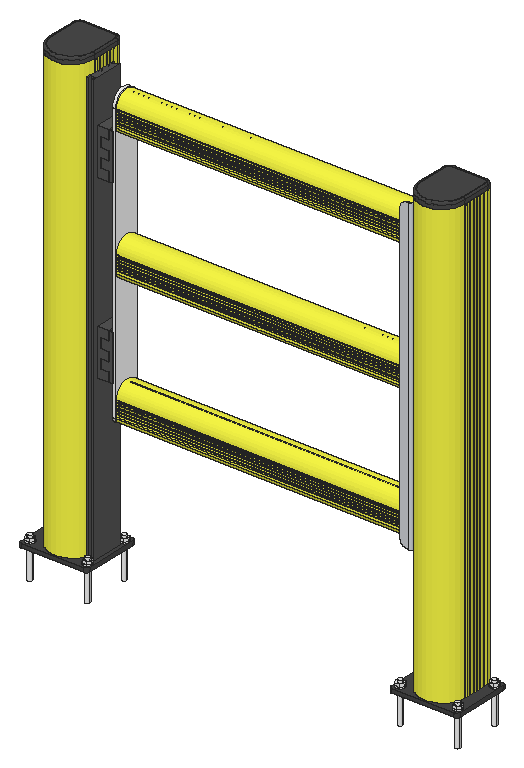
Revit family "Safety & Protection_Barrier_UltiGroup_Pedestrian Swing Gate", category Generic Models, Revit 2016
Family settings
  Part Type = Normal
  Can host rebar = No
  Round Connector Dimension = Use Diameter
  OmniClass Number = 23.40.70.17
  OmniClass Title = Industrial and Manufacturing Equipment and Furnishings
  Work Plane-Based = No
  Always vertical = Yes
  Cut with Voids When Loaded = No
  Shared = No
  Room Calculation Point = No
Parameters (values of type "Type 1")
  URL = "www.ultigroup.co.nz"
  Toll Free Phone = "0800 807 753"
  StyleOrType_ANZRS = ""
  Stainless Steel = SS Bolts
  Send Message = "http://ultigroup.co.nz/contact-ulti-group/"
  Phone = "07 974 4691"
  Pedestrian Gate width = 850 mm
  PVC Yellow = PVC Yellow
  ModifiedIssue_ANZRS = 0
  Model = "Ulti Pedestrian Swing Gate - DP150"
  Manufacturer = "UltiGroup"
  InstallationGroup_ANZRS = 0
  Hinge Parts = Hinge Parts
  FireRating_ANZRS = ""
  FilterObject_ANZRS = ""
  Fax = "07 846 2467"
  Description = "Impactable PVC Pedestrian Swing Gate"
  CreatedBy_ANZRS = "UltiGroup"
  CreatedByURL_ANZRS = "www.ultigroup.co.nz"
  CreatedByPhoneNo_ANZRS = "07 974 4691"
  Bollard Post = yes
  Address = "17 McKee Street, Te Rapa, Hamilton, 3200, New Zealand"
  AcousticRating_ANZRS = ""
Reference planes
  plane 1 "Center (Front/Back)": y = 0
  plane 2: z = 0
  plane 3 "Center (Left/Right)": x = 0
  plane 4: x = 850
  plane 5: x = 835
  plane 6: x = 62
  plane 7: x = 70
  plane 8: x = 827
  plane 9: z = 345
  plane 10: z = 685
  plane 11: z = 1024.967
  plane 12: y = 35
  plane 13: y = -35
  plane 14: x = 849
  plane 15: y = -40
  plane 16: y = 40
  plane 17: z = 1114.967
  plane 18: z = 1134.967
  plane 19: z = 325
  plane 20: x = 20
  plane 21: x = 1
  plane 22: z = 435
  plane 23: z = 904.967
  plane 24: z = 555
Forms (mm)
  Extrusion 1, solid, material "PVC Yellow" <- "PVC Yellow"
    sketch origin (827, 444.892, 1200) x (0, 1, 0) y (0, 0, 1)
      loop
        arc (-409.892, -120.055) -> (-444.841, -85.055) -> (-479.892, -119.953) r 35
        line (-479.892, -119.953) -> (-479.892, -121.557)
        arc (-479.892, -121.557) -> (-479.812, -122.052) -> (-479.667, -122.531) r 3.696
        arc (-479.667, -122.531) -> (-479.39, -123.945) -> (-479.805, -125.325) r 3
        arc (-479.805, -125.325) -> (-480.388, -126.952) -> (-479.977, -128.63) r 3
        arc (-479.977, -128.63) -> (-479.391, -130.262) -> (-479.805, -131.946) r 3
        arc (-479.805, -131.946) -> (-480.388, -133.572) -> (-479.977, -135.25) r 3
        arc (-479.977, -135.25) -> (-479.392, -136.881) -> (-479.806, -138.564) r 3
        arc (-479.806, -138.564) -> (-480.388, -140.19) -> (-479.977, -141.868) r 3
        arc (-479.977, -141.868) -> (-479.392, -143.499) -> (-479.806, -145.182) r 3
        arc (-479.806, -145.182) -> (-480.388, -146.808) -> (-479.977, -148.485) r 3
        arc (-479.977, -148.485) -> (-479.392, -150.117) -> (-479.806, -151.8) r 3
        arc (-479.806, -151.8) -> (-480.388, -153.426) -> (-479.977, -155.103) r 3
        arc (-479.977, -155.103) -> (-479.388, -156.815) -> (-479.892, -158.554) r 3
        line (-479.892, -158.554) -> (-479.892, -165)
        arc (-479.892, -165) -> (-476.963, -172.071) -> (-469.892, -175) r 10
        line (-469.892, -175) -> (-419.892, -175.033)
        arc (-419.892, -175.033) -> (-412.821, -172.07) -> (-409.892, -164.999) r 10
        line (-409.892, -164.999) -> (-409.892, -158.556)
        arc (-409.892, -158.556) -> (-410.396, -156.975) -> (-409.983, -155.367) r 3
        arc (-409.983, -155.367) -> (-409.397, -153.736) -> (-409.811, -152.053) r 3
        arc (-409.811, -152.053) -> (-410.393, -150.427) -> (-409.982, -148.749) r 3
        arc (-409.982, -148.749) -> (-409.397, -147.118) -> (-409.811, -145.435) r 3
        arc (-409.811, -145.435) -> (-410.393, -143.809) -> (-409.982, -142.132) r 3
        arc (-409.982, -142.132) -> (-409.396, -140.5) -> (-409.811, -138.818) r 3
        arc (-409.811, -138.818) -> (-410.393, -137.192) -> (-409.982, -135.514) r 3
        arc (-409.982, -135.514) -> (-409.396, -133.882) -> (-409.811, -132.199) r 3
        arc (-409.811, -132.199) -> (-410.394, -130.572) -> (-409.983, -128.894) r 3
        arc (-409.983, -128.894) -> (-409.396, -127.262) -> (-409.811, -125.579) r 3
        arc (-409.811, -125.579) -> (-410.383, -124.097) -> (-410.118, -122.531) r 3
        arc (-410.118, -122.531) -> (-409.971, -122.049) -> (-409.892, -121.552) r 3.696
        line (-409.892, -121.552) -> (-409.892, -120.055)
      loop
        arc (-469.892, -158) -> (-467.842, -162.95) -> (-462.892, -165) r 7
        line (-462.892, -165) -> (-426.892, -164.999)
        arc (-426.892, -164.999) -> (-421.943, -162.949) -> (-419.892, -157.999) r 7
        line (-419.892, -157.999) -> (-419.892, -120)
        arc (-419.892, -120) -> (-444.892, -95) -> (-469.892, -120) r 25
        line (-469.892, -120) -> (-469.892, -158)
      loop
        arc (-409.892, -460.023) -> (-444.841, -425.023) -> (-479.892, -459.921) r 35
        line (-479.892, -459.921) -> (-479.892, -461.524)
        arc (-479.892, -461.524) -> (-479.812, -462.019) -> (-479.667, -462.498) r 3.696
        arc (-479.667, -462.498) -> (-479.39, -463.913) -> (-479.805, -465.293) r 3
        arc (-479.805, -465.293) -> (-480.388, -466.919) -> (-479.977, -468.598) r 3
        arc (-479.977, -468.598) -> (-479.391, -470.229) -> (-479.805, -471.913) r 3
        arc (-479.805, -471.913) -> (-480.388, -473.539) -> (-479.977, -475.217) r 3
        arc (-479.977, -475.217) -> (-479.392, -476.849) -> (-479.806, -478.532) r 3
        arc (-479.806, -478.532) -> (-480.388, -480.158) -> (-479.977, -481.835) r 3
        arc (-479.977, -481.835) -> (-479.392, -483.466) -> (-479.806, -485.149) r 3
        arc (-479.806, -485.149) -> (-480.388, -486.775) -> (-479.977, -488.453) r 3
        arc (-479.977, -488.453) -> (-479.392, -490.084) -> (-479.806, -491.767) r 3
        arc (-479.806, -491.767) -> (-480.388, -493.393) -> (-479.977, -495.071) r 3
        arc (-479.977, -495.071) -> (-479.388, -496.783) -> (-479.892, -498.522) r 3
        line (-479.892, -498.522) -> (-479.892, -504.967)
        arc (-479.892, -504.967) -> (-476.963, -512.038) -> (-469.892, -514.967) r 10
        line (-469.892, -514.967) -> (-419.892, -515)
        arc (-419.892, -515) -> (-412.821, -512.037) -> (-409.892, -504.966) r 10
        line (-409.892, -504.966) -> (-409.892, -498.524)
        arc (-409.892, -498.524) -> (-410.396, -496.942) -> (-409.983, -495.334) r 3
        arc (-409.983, -495.334) -> (-409.397, -493.703) -> (-409.811, -492.02) r 3
        arc (-409.811, -492.02) -> (-410.393, -490.394) -> (-409.982, -488.717) r 3
        arc (-409.982, -488.717) -> (-409.397, -487.086) -> (-409.811, -485.403) r 3
        arc (-409.811, -485.403) -> (-410.393, -483.777) -> (-409.982, -482.099) r 3
        arc (-409.982, -482.099) -> (-409.396, -480.468) -> (-409.811, -478.785) r 3
        arc (-409.811, -478.785) -> (-410.393, -477.159) -> (-409.982, -475.481) r 3
        arc (-409.982, -475.481) -> (-409.396, -473.85) -> (-409.811, -472.167) r 3
        arc (-409.811, -472.167) -> (-410.394, -470.54) -> (-409.983, -468.862) r 3
        arc (-409.983, -468.862) -> (-409.396, -467.23) -> (-409.811, -465.546) r 3
        arc (-409.811, -465.546) -> (-410.383, -464.064) -> (-410.118, -462.498) r 3
        arc (-410.118, -462.498) -> (-409.971, -462.016) -> (-409.892, -461.519) r 3.696
        line (-409.892, -461.519) -> (-409.892, -460.023)
      loop
        arc (-419.892, -459.967) -> (-444.892, -434.967) -> (-469.892, -459.967) r 25
        line (-469.892, -459.967) -> (-469.892, -497.968)
        arc (-469.892, -497.968) -> (-467.842, -502.917) -> (-462.892, -504.968) r 7
        line (-462.892, -504.968) -> (-426.892, -504.966)
        arc (-426.892, -504.966) -> (-421.943, -502.916) -> (-419.892, -497.966) r 7
        line (-419.892, -497.966) -> (-419.892, -459.967)
      loop
        arc (-469.892, -837.968) -> (-467.842, -842.917) -> (-462.892, -844.968) r 7
        line (-462.892, -844.968) -> (-426.892, -844.966)
        arc (-426.892, -844.966) -> (-421.943, -842.916) -> (-419.892, -837.966) r 7
        line (-419.892, -837.966) -> (-419.892, -799.967)
        arc (-419.892, -799.967) -> (-444.892, -774.967) -> (-469.892, -799.967) r 25
        line (-469.892, -799.967) -> (-469.892, -837.968)
      loop
        arc (-409.892, -800.023) -> (-444.892, -765.023) -> (-479.892, -800.023) r 35
        line (-479.892, -800.023) -> (-479.892, -801.524)
        arc (-479.892, -801.524) -> (-479.812, -802.019) -> (-479.667, -802.498) r 3.696
        arc (-479.667, -802.498) -> (-479.39, -803.913) -> (-479.805, -805.293) r 3
        arc (-479.805, -805.293) -> (-480.388, -806.919) -> (-479.977, -808.598) r 3
        arc (-479.977, -808.598) -> (-479.391, -810.229) -> (-479.805, -811.913) r 3
        arc (-479.805, -811.913) -> (-480.388, -813.539) -> (-479.977, -815.217) r 3
        arc (-479.977, -815.217) -> (-479.392, -816.849) -> (-479.806, -818.532) r 3
        arc (-479.806, -818.532) -> (-480.388, -820.158) -> (-479.977, -821.835) r 3
        arc (-479.977, -821.835) -> (-479.392, -823.466) -> (-479.806, -825.149) r 3
        arc (-479.806, -825.149) -> (-480.388, -826.775) -> (-479.977, -828.453) r 3
        arc (-479.977, -828.453) -> (-479.392, -830.084) -> (-479.806, -831.767) r 3
        arc (-479.806, -831.767) -> (-480.388, -833.393) -> (-479.977, -835.071) r 3
        arc (-479.977, -835.071) -> (-479.388, -836.783) -> (-479.892, -838.522) r 3
        line (-479.892, -838.522) -> (-479.892, -844.967)
        arc (-479.892, -844.967) -> (-476.963, -852.038) -> (-469.892, -854.967) r 10
        line (-469.892, -854.967) -> (-419.892, -855)
        arc (-419.892, -855) -> (-412.821, -852.037) -> (-409.892, -844.966) r 10
        line (-409.892, -844.966) -> (-409.892, -838.524)
        arc (-409.892, -838.524) -> (-410.396, -836.942) -> (-409.983, -835.334) r 3
        arc (-409.983, -835.334) -> (-409.397, -833.703) -> (-409.811, -832.02) r 3
        arc (-409.811, -832.02) -> (-410.393, -830.394) -> (-409.982, -828.717) r 3
        arc (-409.982, -828.717) -> (-409.397, -827.086) -> (-409.811, -825.403) r 3
        arc (-409.811, -825.403) -> (-410.393, -823.777) -> (-409.982, -822.099) r 3
        arc (-409.982, -822.099) -> (-409.396, -820.468) -> (-409.811, -818.785) r 3
        arc (-409.811, -818.785) -> (-410.393, -817.159) -> (-409.982, -815.481) r 3
        arc (-409.982, -815.481) -> (-409.396, -813.85) -> (-409.811, -812.167) r 3
        arc (-409.811, -812.167) -> (-410.394, -810.54) -> (-409.983, -808.862) r 3
        arc (-409.983, -808.862) -> (-409.396, -807.23) -> (-409.811, -805.546) r 3
        arc (-409.811, -805.546) -> (-410.383, -804.064) -> (-410.118, -802.498) r 3
        arc (-410.118, -802.498) -> (-409.971, -802.016) -> (-409.892, -801.519) r 3.696
        line (-409.892, -801.519) -> (-409.892, -800.023)
    from 0 to -757
  Extrusion 2, solid
    sketch origin (827, 444.892, 1200) x (0, 1, 0) y (0, 0, 1)
      loop
        arc (-479.892, -844.967) -> (-476.963, -852.038) -> (-469.892, -855) r 10
        line (-469.892, -855) -> (-419.892, -854.966)
        arc (-419.892, -854.966) -> (-412.821, -852.037) -> (-409.892, -844.966) r 10
        line (-409.892, -844.966) -> (-409.892, -120.055)
        arc (-409.892, -120.055) -> (-444.892, -85.055) -> (-479.892, -120.055) r 35
        line (-479.892, -120.055) -> (-479.892, -844.967)
    from 0 to 8
  Extrusion 3, solid, material "SS Bolts" <- "Stainless Steel"
    sketch origin (70, 444.892, 1200) x (0, 1, 0) y (0, 0, 1)
      loop
        arc (-409.892, -120.055) -> (-444.892, -85.055) -> (-479.892, -120.055) r 35
        line (-479.892, -120.055) -> (-479.892, -844.967)
        arc (-479.892, -844.967) -> (-476.963, -852.038) -> (-469.892, -855) r 10
        line (-469.892, -855) -> (-419.892, -854.966)
        arc (-419.892, -854.966) -> (-412.821, -852.037) -> (-409.892, -844.966) r 10
        line (-409.892, -844.966) -> (-409.892, -120.004)
    from 0 to -8
  Extrusion 4, solid
    sketch origin (-1529.919, -1524, 345) x (-1, 0, 0) y (0, -1, 0)
      loop
        line (-2375.919, -1564) -> (-2375.919, -1487)
        arc (-2375.919, -1487) -> (-2375.04, -1484.879) -> (-2372.919, -1484) r 3
        line (-2372.919, -1484) -> (-2348.246, -1484) -> (-2348.246, -1481) -> (-2372.919, -1481)
        arc (-2372.919, -1481) -> (-2377.161, -1482.757) -> (-2378.919, -1487) r 6
        line (-2378.919, -1487) -> (-2378.919, -1564) -> (-2375.919, -1564)
    from -20 to 789.967
  Extrusion 5, void
    sketch origin (783.676, -40, 1200) x (1, 0, 0) y (0, 0, 1)
      loop
        line (34.651, -65.033) -> (34.651, -85.033)
        arc (34.651, -85.033) -> (40.509, -70.89) -> (54.651, -65.033) r 20
        line (54.651, -65.033) -> (34.651, -65.033)
      loop
        line (34.651, -875) -> (54.651, -875)
        arc (54.651, -875) -> (40.509, -869.142) -> (34.651, -855) r 20
        line (34.651, -855) -> (34.651, -875)
    from 0 to 3
  Extrusion 6, void
    sketch origin (849, 444.892, 1200) x (0, -1, 0) y (0, 0, 1)
      loop
        line (404.892, -65.033) -> (404.892, -75.033)
        arc (404.892, -75.033) -> (407.821, -67.962) -> (414.892, -65.033) r 10
        line (414.892, -65.033) -> (404.892, -65.033)
      loop
        line (404.892, -875) -> (414.892, -875)
        arc (414.892, -875) -> (407.821, -872.071) -> (404.892, -865) r 10
        line (404.892, -865) -> (404.892, -875)
    from 0 to 3
  Extrusion 7, solid, material "Hinge Parts" <- "Hinge Parts"
    sketch origin (-128.337, -70, 10) x (0, 1, 0) y (-1, 0, 0)
      loop
        line (110, -129.337) -> (27, -129.337) -> (27, -134.337) -> (35, -134.337) -> (35, -143.337) -> (27, -143.337) -> (27, -148.337) -> (110, -148.337) -> (110, -143.337) -> (105, -143.337) -> (105, -134.337) -> (110, -134.337) -> (110, -129.337)
    from 0 to 1124.967
  Extrusion 8, solid, material "Hinge Parts" <- "Hinge Parts"
    sketch origin (0, 0, 0) x (1, 0, 0) y (0, 0, 1)
      loop
        line (20, 1024.967) -> (20, 904.967) -> (52, 904.967) -> (52, 928.967) -> (30, 928.967) -> (30, 952.967) -> (52, 952.967) -> (52, 976.967) -> (30, 976.967) -> (30, 1000.967) -> (52, 1000.967) -> (52, 1024.967) -> (20, 1024.967)
      loop
        line (52, 435) -> (52, 459) -> (30, 459) -> (30, 483) -> (52, 483) -> (52, 507) -> (30, 507) -> (30, 531) -> (52, 531) -> (52, 555) -> (20, 555) -> (20, 435) -> (52, 435)
    from -35 to 35
  Extrusion 9, solid, material "Hinge Parts" <- "Hinge Parts"
    sketch origin (0, 0, 0) x (1, 0, 0) y (0, 0, 1)
      loop
        line (62, 1024.967) -> (52, 1024.967) -> (52, 1000.967) -> (30, 1000.967) -> (30, 976.967) -> (52, 976.967) -> (52, 952.967) -> (30, 952.967) -> (30, 928.967) -> (52, 928.967) -> (52, 904.967) -> (62, 904.967) -> (62, 1024.967)
      loop
        line (62, 435) -> (62, 555) -> (52, 555) -> (52, 531) -> (30, 531) -> (30, 507) -> (52, 507) -> (52, 483) -> (30, 483) -> (30, 459) -> (52, 459) -> (52, 435) -> (62, 435)
    from -35 to 35
Cuts and joins
  Extrusion 5, Extrusion 6 cuts Extrusion 4
Lines and regions (mm)
  symbolic lines, style "GenericModelHiddenLines", detail levels fine
    curve 1: line (62, 0, 10) -> (122, 0, 10)
    curve 2: line (62, 773, 10) -> (62, 0, 10)
    curve 3: line (122, 773, 10) -> (62, 773, 10)
    curve 4: line (122, 0, 10) -> (122, 773, 10)
    curve 5: arc (835, 0, 10) -> (630.204, 526.429, 10) -> (122, 773, 10) r 773
Dimensions and locks
  "Pedestrian Gate width": plane 3 "Center (Left/Right)" to plane 4
  locked: plane 3 "Center (Left/Right)" to plane 6 at 62
  locked: plane 5 to plane 4 at 15
  locked: plane 6 to plane 7 at 8
  locked: plane 8 to plane 5 at 8
  locked: plane 9 to plane 2 at 345
  locked: plane 10 to level at 685
  locked: plane 11 to level at 1025
  locked: plane 12 to plane 13 at 70
  equal spacing: plane 12, plane 1 "Center (Front/Back)", plane 13
  locked: plane 14 to plane 4 at 1
  locked: plane 13 to plane 15 at 5
  locked: plane 16 to plane 12 at 5
  locked: plane 17 to plane 11 at 90
  locked: plane 18 to plane 17 at 20
  locked: plane 9 to plane 19 at 20
  locked: plane 3 "Center (Left/Right)" to plane 20 at 20
  locked: plane 3 "Center (Left/Right)" to plane 21 at 1
  locked: plane 22 to plane 9 at 90
  locked: plane 11 to plane 23 at 120
  locked: plane 24 to plane 22 at 120
  aligned and locked: level to plane 2
  aligned and locked: plane 1 "Center (Front/Back)" to nested 1
  aligned and locked: nested 1 to plane 3 "Center (Left/Right)"
  aligned and locked: plane 1 "Center (Front/Back)" to nested 2
  aligned and locked: nested 2 to plane 4
  aligned and locked: Extrusion 1 sketch curve to plane 9
  aligned and locked: Extrusion 1 sketch curve to plane 10
  aligned and locked: Extrusion 1 sketch curve to plane 11
  aligned and locked: Extrusion 1 sketch curve to plane 12
  aligned and locked: Extrusion 1 to plane 7
  aligned and locked: nested 2 to Extrusion 2 sketch curve
  aligned and locked: Extrusion 2 sketch curve to plane 9
  aligned and locked: Extrusion 2 sketch curve to plane 12
  aligned and locked: Extrusion 2 sketch curve to Extrusion 1  (x2)
  aligned and locked: plane 5 to Extrusion 2
  aligned and locked: plane 12 to Extrusion 3 sketch curve
  aligned and locked: plane 9 to Extrusion 3 sketch curve
  aligned and locked: Extrusion 3 sketch curve to Extrusion 1  (x3)
  aligned and locked: Extrusion 3 to plane 6
  aligned and locked: Extrusion 4 sketch curve to plane 16
  aligned and locked: Extrusion 4 sketch curve to plane 14
  aligned and locked: Extrusion 4 sketch curve to plane 15
  aligned and locked: nested 2 to Extrusion 4 sketch curve
  aligned and locked: plane 18 to Extrusion 4
  aligned and locked: Extrusion 4 to Extrusion 5 sketch curve  (x3)
  aligned and locked: Extrusion 5 to Extrusion 4
  aligned and locked: Extrusion 6 sketch curve to cut or joined group of Extrusion 4, Extrusion 5, Extrusion 6  (x2)
  aligned and locked: cut or joined group of Extrusion 4, Extrusion 5, Extrusion 6 to Extrusion 6 sketch curve
  aligned and locked: Extrusion 6 to Extrusion 4
  aligned and locked: Extrusion 7 sketch curve to plane 21
  aligned and locked: Extrusion 7 sketch curve to plane 16
  aligned and locked: Extrusion 7 sketch curve to cut or joined group of Extrusion 4, Extrusion 5, Extrusion 6
  aligned and locked: Extrusion 7 sketch curve to plane 20
  aligned and locked: nested 1 to Extrusion 7 sketch curve  (x2)
  aligned and locked: plane 18 to Extrusion 7
  aligned and locked: Extrusion 8 sketch curve to plane 20
  aligned and locked: Extrusion 8 sketch curve to plane 11
  aligned and locked: plane 22 to Extrusion 8 sketch curve
  aligned and locked: Extrusion 8 sketch curve to plane 24
  aligned and locked: Extrusion 8 sketch curve to plane 23
  aligned and locked: Extrusion 8 to nested 1
  aligned and locked: plane 12 to Extrusion 8
  aligned and locked: Extrusion 9 sketch curve to plane 11
  aligned and locked: Extrusion 9 sketch curve to plane 23
  aligned and locked: plane 22 to Extrusion 9 sketch curve
  aligned and locked: Extrusion 9 sketch curve to plane 24
  aligned and locked: Extrusion 9 sketch curve to Extrusion 8  (x2)
  aligned and locked: Extrusion 9 to nested 1
  aligned and locked: plane 12 to Extrusion 9
Automatic sketch dimensions
  Extrusion 1 sketch curve to plane 13 = 2.495 mm  (x6)
  Extrusion 1 sketch curve to plane 13 = 2.496 mm  (x12)
  plane 13 to Extrusion 1 sketch curve = 2.5 mm  (x15)
  plane 13 to Extrusion 1 sketch curve = 3.681 mm  (x3)
  plane 13 to Extrusion 1 sketch curve = 10 mm  (x3)
  plane 1 "Center (Front/Back)" to Extrusion 1 sketch curve = 0 mm  (x5)
  Extrusion 1 sketch curve to plane 12 = 3.681 mm  (x3)
  Extrusion 1 sketch curve to plane 12 = 2.5 mm  (x12)
  Extrusion 1 sketch curve to plane 12 = 2.501 mm  (x3)
  plane 12 to Extrusion 1 sketch curve = 2.494 mm  (x6)
  plane 12 to Extrusion 1 sketch curve = 2.495 mm  (x12)
  Extrusion 1 sketch curve to Extrusion 1 sketch curve = 3.309 mm  (x17)
  Extrusion 1 sketch curve to Extrusion 1 sketch curve = 3.308 mm  (x21)
  Extrusion 1 sketch curve to Extrusion 1 sketch curve = 3.311 mm  (x10)
  Extrusion 1 sketch curve to Extrusion 1 sketch curve = 3.31 mm  (x6)
  Extrusion 1 sketch curve to Extrusion 1 sketch curve = 0.333 mm  (x3)
  Extrusion 1 sketch curve to plane 13 = 0.085 mm  (x15)
  plane 13 to Extrusion 1 sketch curve = 0.086 mm  (x9)
  plane 13 to Extrusion 1 sketch curve = 0.087 mm  (x6)
  Extrusion 1 sketch curve to plane 12 = 0.226 mm  (x3)
  Extrusion 1 sketch curve to plane 12 = 0 mm  (x8)
  Extrusion 1 sketch curve to plane 12 = 0.091 mm  (x6)
  Extrusion 1 sketch curve to plane 12 = 0.09 mm  (x9)
  plane 12 to Extrusion 1 sketch curve = 0.081 mm  (x15)
  Extrusion 1 sketch curve to Extrusion 1 sketch curve = 6.319 mm  (x2)
  Extrusion 1 sketch curve to Extrusion 1 sketch curve = 7 mm  (x13)
  Extrusion 1 sketch curve to Extrusion 1 sketch curve = 0 mm  (x10)
  Extrusion 1 sketch curve to Extrusion 1 sketch curve = 0.056 mm  (x3)
  Extrusion 1 sketch curve to Extrusion 1 sketch curve = 1.219 mm
  plane 9 to Extrusion 1 sketch curve = 17.032 mm
  Extrusion 1 sketch curve to Extrusion 1 sketch curve = 4.973 mm
  Extrusion 1 sketch curve to Extrusion 1 sketch curve = 3.741 mm  (x2)
  Extrusion 1 sketch curve to Extrusion 1 sketch curve = 12.496 mm  (x3)
  Extrusion 1 sketch curve to Extrusion 1 sketch curve = 12.495 mm  (x3)
  plane 10 to Extrusion 1 sketch curve = 10.032 mm
  plane 10 to Extrusion 1 sketch curve = 10.034 mm
  Extrusion 1 sketch curve to plane 12 = 10 mm  (x2)
  plane 11 to Extrusion 1 sketch curve = 10.032 mm
  plane 11 to Extrusion 1 sketch curve = 10.034 mm
  Extrusion 1 sketch curve to Extrusion 1 sketch curve = 8.111 mm  (x3)
  plane 13 to Extrusion 1 sketch curve = 0.225 mm  (x3)
  Extrusion 1 sketch curve to Extrusion 1 sketch curve = 5.888 mm
  Extrusion 1 sketch curve to Extrusion 1 sketch curve = 1.665 mm  (x2)
  Extrusion 1 sketch curve to Extrusion 1 sketch curve = 1.164 mm  (x3)
  Extrusion 1 sketch curve to Extrusion 1 sketch curve = 4.106 mm
  Extrusion 1 sketch curve to plane 13 = 0 mm  (x6)
  level to Extrusion 1 sketch curve = 355.034 mm
  Extrusion 1 sketch curve to Extrusion 1 sketch curve = 0.102 mm
  Extrusion 1 sketch curve to Extrusion 1 sketch curve = 295.023 mm
  Extrusion 1 sketch curve to Extrusion 1 sketch curve = 0.001 mm  (x2)
  Extrusion 1 sketch curve to Extrusion 1 sketch curve = 10.389 mm
  Extrusion 1 sketch curve to Extrusion 1 sketch curve = 1.604 mm
  Extrusion 1 sketch curve to Extrusion 1 sketch curve = 13.693 mm
  Extrusion 1 sketch curve to Extrusion 1 sketch curve = 6.443 mm  (x3)
  Extrusion 1 sketch curve to Extrusion 1 sketch curve = 1.667 mm  (x3)
  Extrusion 1 sketch curve to Extrusion 1 sketch curve = 1.786 mm  (x2)
  plane 9 to Extrusion 1 sketch curve = 10.034 mm
  Extrusion 2 sketch curve to plane 12 = 10 mm
  Extrusion 2 sketch curve to Extrusion 2 sketch curve = 0.001 mm
  Extrusion 2 sketch curve to Extrusion 2 sketch curve = 0 mm  (x3)
  plane 13 to Extrusion 2 sketch curve = 10 mm  (x2)
  plane 9 to Extrusion 2 sketch curve = 10.033 mm
  Extrusion 2 sketch curve to plane 13 = 0 mm
  Extrusion 3 sketch curve to Extrusion 3 sketch curve = 0.051 mm
  Extrusion 3 sketch curve to plane 12 = 10 mm
  Extrusion 3 sketch curve to Extrusion 3 sketch curve = 0 mm  (x2)
  Extrusion 4 sketch curve to plane 13 = 2 mm
  Extrusion 4 sketch curve to plane 14 = 3 mm
  Extrusion 4 sketch curve to plane 14 = 6 mm
  plane 15 to Extrusion 4 sketch curve = 3 mm
  Extrusion 5 sketch curve to plane 17 = 0 mm  (x2)
  Extrusion 5 sketch curve to plane 18 = 0 mm
  plane 5 to Extrusion 5 sketch curve = 3.327 mm  (x2)
  Extrusion 5 sketch curve to Extrusion 5 sketch curve = 0 mm
  Extrusion 5 sketch curve to plane 4 = 11.673 mm
  plane 9 to Extrusion 5 sketch curve = 0 mm
  Extrusion 5 sketch curve to plane 9 = 0 mm
  Extrusion 5 sketch curve to plane 19 = 0 mm
  Extrusion 5 sketch curve to plane 8 = 8.673 mm
  Extrusion 6 sketch curve to plane 12 = 5 mm
  Extrusion 6 sketch curve to plane 17 = 10 mm
  plane 15 to Extrusion 6 sketch curve = 70 mm  (x2)
  Extrusion 6 sketch curve to plane 9 = 10 mm
  Extrusion 6 sketch curve to plane 16 = 0 mm  (x3)
  plane 9 to Extrusion 6 sketch curve = 779.967 mm
  plane 19 to Extrusion 6 sketch curve = 0 mm
  Extrusion 6 sketch curve to plane 18 = 0 mm
  Extrusion 7 sketch curve to Extrusion 7 sketch curve = 5 mm  (x3)
  Extrusion 7 sketch curve to nested 1 = 16.663 mm
  Extrusion 7 sketch curve to Extrusion 7 sketch curve = 9 mm
  Extrusion 7 sketch curve to Extrusion 7 sketch curve = 8 mm
  Extrusion 8 sketch curve to plane 20 = 0 mm
  plane 20 to Extrusion 8 sketch curve = 10 mm  (x4)
  Extrusion 8 sketch curve to plane 6 = 10 mm  (x6)
  plane 23 to Extrusion 8 sketch curve = 24 mm
  Extrusion 8 sketch curve to Extrusion 8 sketch curve = 24 mm  (x6)
  Extrusion 8 sketch curve to plane 24 = 24 mm
  Extrusion 9 sketch curve to plane 6 = 0 mm  (x2)
  Extrusion 9 sketch curve to Extrusion 9 sketch curve = 24 mm  (x6)
  plane 23 to Extrusion 9 sketch curve = 24 mm
  Extrusion 9 sketch curve to Extrusion 9 sketch curve = 10 mm  (x2)
  Extrusion 9 sketch curve to Extrusion 9 sketch curve = 0 mm
  Extrusion 9 sketch curve to plane 6 = 10 mm  (x3)
  Extrusion 9 sketch curve to plane 11 = 24 mm
  plane 20 to Extrusion 9 sketch curve = 10 mm  (x2)
  nested 1 to curve 5 = 30.34 mm
  curve 5 to nested 1 = 82.332 mm
  curve 1 to curve 5 = 2.332 mm
  nested 1 to curve 4 = 90.337 mm
  nested 1 to curve 4 = 693 mm
  nested 1 to curve 2 = 30.337 mm
  curve 5 to nested 1 = 80 mm
Nested families
  nested 1: "Safety & Protection_Bollard_UltiGroup_Bollard GRD" at (-58.337, 0, 0), visible <- "Bollard Post", type "Bollard GRD 150 1100"
  nested 2: "Safety & Protection_Bollard_UltiGroup_Bollard GRD" at (908.327, 0, 0), visible <- "Bollard Post", type "Bollard GRD 150 1100"
Definition of nested family "Safety & Protection_Bollard_UltiGroup_Bollard GRD"
  Parameters (values of type "Bollard GRD 150 1100")
    URL = "www.ultigroup.co.nz"
    Toll Free Phone = "0800 807 753"
    StyleOrType_ANZRS = ""
    Bollard 90 Support Height = 150 mm
    Steel Black = none
    Stainless Steel = none
    Send Message = "http://ultigroup.co.nz/contact-ulti-group/"
    SS Bolts = yes
    Plate Length 2 = 160 mm
    Plate Length 1 = 180 mm
    Phone = "07 974 4691"
    PVC Yellow = none
    PVC Post Insert = 10 mm
    PVC Black = none
    Bollard 90 Height - Plate = 240 mm
    Bollard GRD 90 = no
    Bollard GRD 150 = yes
    ModifiedIssue_ANZRS = 0
    Model = "Bollard GRD 150 1100"
    Manufacturer = "UltiGroup"
    InstallationGroup_ANZRS = 0
    FireRating_ANZRS = ""
    FilterObject_ANZRS = ""
    Fax = "07 846 2467"
    Description = "Impactable PVC Bollard"
    CreatedBy_ANZRS = "UltiGroup"
    CreatedByURL_ANZRS = "www.ultigroup.co.nz"
    CreatedByPhoneNo_ANZRS = "07 974 4691"
    Bollard 150 Support Height = 300 mm
    Bollard 150 Height - Plate = 1170 mm
    Address = "17 McKee Street, Te Rapa, Hamilton, 3200, New Zealand"
    AcousticRating_ANZRS = ""
  Reference planes
    plane 1 "Center (Front/Back)": y = 0
    plane 2: z = 0
    plane 3 "Center (Left/Right)": x = 0
    plane 4: z = 250
    plane 5: x = -90
    plane 6: x = 90
    plane 7: y = 80
    plane 8: y = -80
    plane 9: z = 10
    plane 10: z = 235
    plane 11: y = 75.017
    plane 12: y = -75.093
    plane 13: x = 58.337
    plane 14: x = -58.327
    plane 15: z = 150
    plane 16: y = -35
    plane 17: y = 35
    plane 18: z = -80
    plane 19: y = 45
    plane 20: x = 35
    plane 21: x = -35
    plane 22: z = 300
    plane 23: z = 1180
    plane 24: z = 1165
  Forms (mm)
    Extrusion 1, solid, material <- "Steel Black"
      sketch origin (-750, 0, 0) x (1, 0, 0) y (0, 1, 0)
        loop
          line (660, 70) -> (660, -70)
          arc (660, -70) -> (662.929, -77.071) -> (670, -80) r 10
          line (670, -80) -> (830, -80)
          arc (830, -80) -> (837.071, -77.071) -> (840, -70) r 10
          line (840, -70) -> (840, 70)
          arc (840, 70) -> (837.071, 77.071) -> (830, 80) r 10
          line (830, 80) -> (670, 80)
          arc (670, 80) -> (662.929, 77.071) -> (660, 70) r 10
        loop
          circle (825, 60) r 6
        loop
          circle (825, -60) r 6
        loop
          circle (675, -60) r 6
        loop
          circle (675, 60) r 6
      from 0 to 10
    Extrusion 2, solid, material <- "PVC Yellow", visible <- "Bollard GRD 150"
      sketch origin (-3190.483, -1524, 10) x (-1, 0, 0) y (0, -1, 0)
        loop
          line (-3132.156, -1582.369) -> (-3132.156, -1572.129)
          arc (-3132.156, -1572.129) -> (-3132.241, -1571.604) -> (-3132.441, -1571.112) r 2.358
          arc (-3132.441, -1571.112) -> (-3132.98, -1568.416) -> (-3132.012, -1565.843) r 5.003
          arc (-3132.012, -1565.843) -> (-3131.325, -1563.045) -> (-3132.296, -1560.333) r 5
          arc (-3132.296, -1560.333) -> (-3132.985, -1557.53) -> (-3132.01, -1554.813) r 5
          arc (-3132.01, -1554.813) -> (-3131.324, -1552.015) -> (-3132.295, -1549.304) r 5
          arc (-3132.295, -1549.304) -> (-3132.984, -1546.5) -> (-3132.009, -1543.783) r 4.999
          arc (-3132.009, -1543.783) -> (-3131.323, -1540.986) -> (-3132.294, -1538.274) r 5.001
          arc (-3132.294, -1538.274) -> (-3132.985, -1535.469) -> (-3132.009, -1532.751) r 5
          arc (-3132.009, -1532.751) -> (-3131.324, -1529.954) -> (-3132.295, -1527.244) r 5
          arc (-3132.295, -1527.244) -> (-3132.986, -1524.438) -> (-3132.009, -1521.718) r 5
          arc (-3132.009, -1521.718) -> (-3131.324, -1518.921) -> (-3132.294, -1516.211) r 5
          arc (-3132.294, -1516.211) -> (-3132.986, -1513.91) -> (-3132.525, -1511.553) r 5
          arc (-3132.525, -1511.553) -> (-3132.29, -1510.786) -> (-3132.156, -1509.995) r 6.16
          line (-3132.156, -1509.995) -> (-3132.156, -1506.365)
          arc (-3132.156, -1506.365) -> (-3190.921, -1448.909) -> (-3248.82, -1507.241) r 58.333
          line (-3248.82, -1507.241) -> (-3248.82, -1509.88)
          arc (-3248.82, -1509.88) -> (-3248.689, -1510.729) -> (-3248.44, -1511.552) r 6.16
          arc (-3248.44, -1511.552) -> (-3247.999, -1514.162) -> (-3248.951, -1516.632) r 5
          arc (-3248.951, -1516.632) -> (-3249.643, -1519.438) -> (-3248.666, -1522.158) r 5
          arc (-3248.666, -1522.158) -> (-3247.98, -1524.955) -> (-3248.951, -1527.666) r 5
          arc (-3248.951, -1527.666) -> (-3249.643, -1530.471) -> (-3248.666, -1533.191) r 5
          arc (-3248.666, -1533.191) -> (-3247.982, -1535.987) -> (-3248.952, -1538.697) r 5
          arc (-3248.952, -1538.697) -> (-3249.643, -1541.502) -> (-3248.667, -1544.22) r 5
          arc (-3248.667, -1544.22) -> (-3247.982, -1547.016) -> (-3248.952, -1549.726) r 5
          arc (-3248.952, -1549.726) -> (-3249.643, -1552.531) -> (-3248.667, -1555.25) r 5
          arc (-3248.667, -1555.25) -> (-3247.982, -1558.046) -> (-3248.953, -1560.756) r 5
          arc (-3248.953, -1560.756) -> (-3249.643, -1563.561) -> (-3248.667, -1566.279) r 5
          arc (-3248.667, -1566.279) -> (-3247.978, -1568.668) -> (-3248.525, -1571.093) r 4.999
          arc (-3248.525, -1571.093) -> (-3248.732, -1571.591) -> (-3248.82, -1572.124) r 2.363
          line (-3248.82, -1572.124) -> (-3248.82, -1582.342)
          arc (-3248.82, -1582.342) -> (-3243.936, -1594.133) -> (-3232.145, -1599.017) r 16.675
          line (-3232.145, -1599.017) -> (-3148.804, -1599.017)
          arc (-3148.804, -1599.017) -> (-3137.032, -1594.141) -> (-3132.156, -1582.369) r 16.648
        loop
          line (-3232.149, -1507.334) -> (-3232.149, -1570.668)
          arc (-3232.149, -1570.668) -> (-3228.732, -1578.917) -> (-3220.483, -1582.334) r 11.666
          line (-3220.483, -1582.334) -> (-3160.682, -1582.334)
          arc (-3160.682, -1582.334) -> (-3152.304, -1578.989) -> (-3148.816, -1570.669) r 11.667
          line (-3148.816, -1570.669) -> (-3148.816, -1507.334)
          arc (-3148.816, -1507.334) -> (-3190.482, -1465.668) -> (-3232.149, -1507.334) r 41.667
      from 0 to 1155
    Extrusion 3, solid, material <- "Stainless Steel", visible <- "SS Bolts"
      sketch origin (-3190.483, -1524, -80) x (-1, 0, 0) y (0, -1, 0)
        loop
          circle (-3265.483, -1584) r 6
        loop
          circle (-3115.483, -1584) r 6
        loop
          circle (-3265.483, -1464) r 6
        loop
          circle (-3115.483, -1464) r 6
      from 0 to 105
    Extrusion 4, solid, material <- "Stainless Steel", visible <- "SS Bolts"
      sketch origin (-750, 0, 10) x (1, 0, 0) y (0, 1, 0)
        loop
          circle (825, -60) r 6
        loop
          circle (675, -60) r 6
        loop
          circle (825, 60) r 6
        loop
          circle (675, 60) r 6
        loop
          circle (825, 60) r 11
        loop
          circle (675, 60) r 11
        loop
          circle (675, -60) r 11
        loop
          circle (825, -60) r 11
      from 0 to 2
    Extrusion 5, solid, material <- "Stainless Steel", visible <- "SS Bolts"
      sketch origin (-750, 0, 12) x (1, 0, 0) y (0, 1, 0)
        loop
          circle (825, -60) r 6
        loop
          circle (675, -60) r 6
        loop
          circle (675, 60) r 6
        loop
          circle (825, 60) r 6
        loop
          line (686, 60) -> (680.5, 69.526) -> (669.5, 69.526) -> (664, 60) -> (669.5, 50.474) -> (680.5, 50.474) -> (686, 60)
        loop
          line (836, 60) -> (830.5, 69.526) -> (819.5, 69.526) -> (814, 60) -> (819.5, 50.474) -> (830.5, 50.474) -> (836, 60)
        loop
          line (836, -60) -> (830.5, -50.474) -> (819.5, -50.474) -> (814, -60) -> (819.5, -69.526) -> (830.5, -69.526) -> (836, -60)
        loop
          line (686, -60) -> (680.5, -50.474) -> (669.5, -50.474) -> (664, -60) -> (669.5, -69.526) -> (680.5, -69.526) -> (686, -60)
      from 0 to 8
    Extrusion 6, solid, material <- "Stainless Steel", visible <- "Bollard GRD 150"
      sketch origin (-750, 0, 0) x (1, 0, 0) y (0, 1, 0)
        loop
          arc (720.199, 58.334) -> (711.821, 54.989) -> (708.333, 46.669) r 11.667
          line (708.333, 46.669) -> (708.333, -16.666)
          arc (708.333, -16.666) -> (749.999, -58.332) -> (791.666, -16.666) r 41.667
          line (791.666, -16.666) -> (791.666, 46.668)
          arc (791.666, 46.668) -> (788.249, 54.917) -> (780, 58.334) r 11.666
          line (780, 58.334) -> (720.199, 58.334)
        loop
          arc (720.181, 56.334) -> (713.228, 53.568) -> (710.333, 46.669) r 9.667
          line (710.333, 46.669) -> (710.333, -16.666)
          arc (710.333, -16.666) -> (749.999, -56.332) -> (789.666, -16.666) r 39.667
          line (789.666, -16.666) -> (789.666, 46.668)
          arc (789.666, 46.668) -> (786.835, 53.503) -> (780, 56.334) r 9.666
          line (780, 56.334) -> (720.181, 56.334)
      from 0 to 300
    Extrusion 7, solid, material <- "PVC Yellow", visible <- "Bollard GRD 90"
      sketch origin (-3190.483, -1524, 10) x (-1, 0, 0) y (0, -1, 0)
        loop
          line (-3215.483, -1569) -> (-3165.483, -1569)
          arc (-3165.483, -1569) -> (-3158.412, -1566.07) -> (-3155.483, -1558.999) r 10
          line (-3155.483, -1558.999) -> (-3155.483, -1553.03)
          arc (-3155.483, -1553.03) -> (-3155.516, -1552.63) -> (-3155.659, -1552.256) r 1.417
          arc (-3155.659, -1552.256) -> (-3155.987, -1550.8) -> (-3155.573, -1549.367) r 3
          arc (-3155.573, -1549.367) -> (-3154.988, -1547.736) -> (-3155.402, -1546.053) r 3
          arc (-3155.402, -1546.053) -> (-3155.984, -1544.427) -> (-3155.573, -1542.749) r 3
          arc (-3155.573, -1542.749) -> (-3154.987, -1541.118) -> (-3155.402, -1539.435) r 3
          arc (-3155.402, -1539.435) -> (-3155.984, -1537.809) -> (-3155.573, -1536.132) r 3
          arc (-3155.573, -1536.132) -> (-3154.987, -1534.5) -> (-3155.402, -1532.818) r 3
          arc (-3155.402, -1532.818) -> (-3155.984, -1531.192) -> (-3155.573, -1529.514) r 3
          arc (-3155.573, -1529.514) -> (-3154.987, -1527.882) -> (-3155.402, -1526.199) r 3
          arc (-3155.402, -1526.199) -> (-3155.985, -1524.572) -> (-3155.573, -1522.894) r 3
          arc (-3155.573, -1522.894) -> (-3154.987, -1521.262) -> (-3155.402, -1519.579) r 3
          arc (-3155.402, -1519.579) -> (-3155.974, -1518.097) -> (-3155.708, -1516.531) r 3
          arc (-3155.708, -1516.531) -> (-3155.563, -1516.051) -> (-3155.483, -1515.556) r 3.696
          line (-3155.483, -1515.556) -> (-3155.483, -1514.04)
          arc (-3155.483, -1514.04) -> (-3190.483, -1479.04) -> (-3225.483, -1514.04) r 35
          line (-3225.483, -1514.04) -> (-3225.483, -1515.557)
          arc (-3225.483, -1515.557) -> (-3225.403, -1516.052) -> (-3225.258, -1516.531) r 3.696
          arc (-3225.258, -1516.531) -> (-3224.981, -1517.945) -> (-3225.396, -1519.325) r 3
          arc (-3225.396, -1519.325) -> (-3225.979, -1520.952) -> (-3225.568, -1522.63) r 3
          arc (-3225.568, -1522.63) -> (-3224.982, -1524.262) -> (-3225.396, -1525.946) r 3
          arc (-3225.396, -1525.946) -> (-3225.979, -1527.572) -> (-3225.568, -1529.25) r 3
          arc (-3225.568, -1529.25) -> (-3224.982, -1530.881) -> (-3225.397, -1532.564) r 3
          arc (-3225.397, -1532.564) -> (-3225.979, -1534.19) -> (-3225.568, -1535.868) r 3
          arc (-3225.568, -1535.868) -> (-3224.982, -1537.499) -> (-3225.397, -1539.182) r 3
          arc (-3225.397, -1539.182) -> (-3225.979, -1540.808) -> (-3225.568, -1542.485) r 3
          arc (-3225.568, -1542.485) -> (-3224.982, -1544.117) -> (-3225.397, -1545.8) r 3
          arc (-3225.397, -1545.8) -> (-3225.979, -1547.426) -> (-3225.568, -1549.103) r 3
          arc (-3225.568, -1549.103) -> (-3224.979, -1550.815) -> (-3225.483, -1552.554) r 3
          line (-3225.483, -1552.554) -> (-3225.483, -1559)
          arc (-3225.483, -1559) -> (-3222.554, -1566.071) -> (-3215.483, -1569) r 10
        loop
          arc (-3165.483, -1514) -> (-3190.483, -1489) -> (-3215.483, -1514) r 25
          line (-3215.483, -1514) -> (-3215.483, -1552)
          arc (-3215.483, -1552) -> (-3213.391, -1556.992) -> (-3208.364, -1558.999) r 7
          line (-3208.364, -1558.999) -> (-3172.483, -1558.999)
          arc (-3172.483, -1558.999) -> (-3167.534, -1556.949) -> (-3165.483, -1551.999) r 7
          line (-3165.483, -1551.999) -> (-3165.483, -1514)
      from 0 to 225
    Extrusion 8, solid, material <- "PVC Black", visible <- "Bollard GRD 90"
      sketch origin (-3190.483, -1524, 235) x (-1, 0, 0) y (0, -1, 0)
        loop
          line (-3160.483, -1558.999) -> (-3160.483, -1514.04)
          arc (-3160.483, -1514.04) -> (-3190.517, -1484.04) -> (-3220.483, -1514.107) r 30
          line (-3220.483, -1514.107) -> (-3220.483, -1559)
          arc (-3220.483, -1559) -> (-3219.018, -1562.535) -> (-3215.483, -1564) r 5
          line (-3215.483, -1564) -> (-3165.484, -1564)
          arc (-3165.484, -1564) -> (-3161.948, -1562.535) -> (-3160.483, -1558.999) r 5
      from 0 to 15
    Extrusion 9, solid, material <- "Stainless Steel", visible <- "Bollard GRD 90"
      sketch origin (-750, 0, 10) x (1, 0, 0) y (0, 1, 0)
        loop
          arc (725, -10) -> (750, -35) -> (775, -10) r 25
          line (775, -10) -> (775, 28)
          arc (775, 28) -> (772.907, 32.992) -> (767.88, 34.999) r 7
          line (767.88, 34.999) -> (732, 34.999)
          arc (732, 34.999) -> (727.05, 32.949) -> (725, 27.999) r 7
          line (725, 27.999) -> (725, -10)
        loop
          arc (773, 28) -> (771.5, 31.571) -> (767.899, 32.999) r 5
          line (767.899, 32.999) -> (732, 32.999)
          arc (732, 32.999) -> (728.465, 31.535) -> (727, 27.999) r 5
          line (727, 27.999) -> (727, -10)
          arc (727, -10) -> (750, -33) -> (773, -10) r 23
          line (773, -10) -> (773, 28)
      from 0 to 140
    Sweep 10, solid, material <- "PVC Black", visible <- "Bollard GRD 90"
      path in 3D
        loop
          arc (-25, 44.999, 235) -> (-32.071, 42.07, 235) -> (-35, 34.999, 235) r 10
          line (-35, 34.999, 235) -> (-35, -9.96, 235)
          arc (-35, -9.96, 235) -> (0, -44.96, 235) -> (35, -9.96, 235) r 35
          line (35, -9.96, 235) -> (35, 35, 235)
          arc (35, 35, 235) -> (32.071, 42.071, 235) -> (25, 45, 235) r 10
          line (25, 45, 235) -> (-25, 44.999, 235)
      profile origin (0, 45, 235) x (0, -1, 0) y (0, 0, 1)
        loop
          line (0, 10) -> (0, 0) -> (5, 0) -> (5, 15)
          arc (5, 15) -> (1.465, 13.536) -> (0, 10) r 5
    Sweep 11, solid, material <- "PVC Black", visible <- "Bollard GRD 150"
      path in 3D
        loop
          arc (-41.679, 75.017, 1165) -> (-53.451, 70.141, 1165) -> (-58.327, 58.369, 1165) r 16.648
          line (-58.327, 58.369, 1165) -> (-58.327, -17.635, 1165)
          arc (-58.327, -17.635, 1165) -> (0.437, -75.091, 1165) -> (58.333, -16.759, 1165) r 58.333
          line (58.333, -16.759, 1165) -> (58.337, 58.342, 1165)
          arc (58.337, 58.342, 1165) -> (53.453, 70.133, 1165) -> (41.662, 75.017, 1165) r 16.675
          line (41.662, 75.017, 1165) -> (-41.679, 75.017, 1165)
      profile origin (-0.009, 75.017, 1165) x (0, -1, 0) y (0, 0, 1)
        loop
          line (5, 0) -> (5, 15)
          arc (5, 15) -> (1.464, 13.536) -> (0, 10) r 5
          line (0, 10) -> (0, 0) -> (5, 0)
    Extrusion 12, solid, material <- "PVC Black", visible <- "Bollard GRD 150"
      sketch origin (-2440.483, -1524, 1165) x (-1, 0, 0) y (0, -1, 0)
        loop
          arc (-2387.156, -1506.403) -> (-2440.901, -1453.909) -> (-2493.82, -1507.241) r 53.333
          line (-2493.82, -1507.241) -> (-2493.82, -1582.342)
          arc (-2493.82, -1582.342) -> (-2490.4, -1590.597) -> (-2482.145, -1594.017) r 11.675
          line (-2482.145, -1594.017) -> (-2398.804, -1594.017)
          arc (-2398.804, -1594.017) -> (-2390.568, -1590.605) -> (-2387.156, -1582.369) r 11.648
          line (-2387.156, -1582.369) -> (-2387.156, -1506.403)
      from 0 to 15
  Lines and regions (mm)
    sketch lines
      curve 1: line (25, 45, 235) -> (-25, 45, 235)
      curve 2: arc (-35, 34.999, 235) -> (-32.071, 42.07, 235) -> (-25, 44.999, 235) r 10
      curve 3: line (-35, 34.999, 235) -> (-35, -9.96, 235)
      curve 4: arc (35, -9.96, 235) -> (0, -44.96, 235) -> (-35, -9.96, 235) r 35
      curve 5: line (35, -9.96, 235) -> (35, 35, 235)
      curve 6: arc (25, 45, 235) -> (32.071, 42.071, 235) -> (35, 35, 235) r 10
      curve 7: line (41.662, 75.017, 1165) -> (-41.679, 75.017, 1165)
      curve 8: arc (-58.327, 58.369, 1165) -> (-53.451, 70.141, 1165) -> (-41.679, 75.017, 1165) r 16.648
      curve 9: line (-58.327, 58.369, 1165) -> (-58.327, -17.635, 1165)
      curve 10: arc (58.333, -16.759, 1165) -> (0.437, -75.091, 1165) -> (-58.327, -17.635, 1165) r 58.333
      curve 11: line (58.337, -16.759, 1165) -> (58.337, 58.342, 1165)
      curve 12: arc (41.662, 75.017, 1165) -> (53.453, 70.133, 1165) -> (58.337, 58.342, 1165) r 16.675
  Dimensions and locks
    plane 5 to plane 6 = 180 mm
    equal spacing: plane 7, plane 1 "Center (Front/Back)", plane 8
    "Plate Length 2": plane 7 to plane 8
    "Plate Length 1": plane 5 to plane 6
    locked: plane 4 to plane 10 at 15
    locked: plane 7 to plane 11 at 4.983
    locked: plane 12 to plane 8 at 4.907
    locked: plane 6 to plane 13 at 31.663
    locked: plane 14 to plane 5 at 31.673
    "Bollard 90 Support Height": plane 15 to level
    locked: plane 16 to plane 1 "Center (Front/Back)" at 35
    locked: plane 1 "Center (Front/Back)" to plane 17 at 35
    "PVC Post Insert": plane 9 to level
    "Bollard 90 Height - Plate": plane 4 to plane 9
    locked: level to plane 18 at 80
    locked: plane 11 to plane 19 at 30.017
    locked: plane 13 to plane 20 at 23.337
    locked: plane 21 to plane 14 at 23.327
    locked: plane 21 to plane 3 "Center (Left/Right)" at 35
    locked: plane 3 "Center (Left/Right)" to plane 20 at 35
    "Bollard 150 Support Height": plane 22 to level
    locked: plane 23 to plane 24 at 15
    "Bollard 150 Height - Plate": plane 23 to plane 9
    aligned and locked: level to plane 2
    aligned and locked: Extrusion 1 sketch curve to plane 5
    aligned and locked: Extrusion 1 sketch curve to plane 6
    aligned and locked: plane 14 to Extrusion 2 sketch curve
    aligned and locked: plane 13 to Extrusion 2 sketch curve
    aligned and locked: plane 4 to Extrusion 8
    aligned and locked: plane 15 to Extrusion 9
    aligned and locked: Extrusion 7 to plane 10
    aligned and locked: profile plane to Sweep 10 sketch curve  (x2)
    aligned and locked: Sweep 10 sketch curve to Extrusion 8
    aligned and locked: plane 22 to Extrusion 6
    aligned and locked: Extrusion 2 to plane 24
    aligned and locked: profile plane to Sweep 11 sketch curve  (x2)
    aligned and locked: Sweep 11 to Extrusion 12 sketch curve
    aligned and locked: Extrusion 12 sketch curve to Sweep 11  (x3)
    aligned and locked: plane 23 to Extrusion 12
  Automatic sketch dimensions
    Extrusion 1 sketch curve to plane 7 = 0 mm
    Extrusion 1 sketch curve to plane 8 = 0 mm
    Extrusion 1 sketch curve to plane 11 = 5.017 mm
    plane 5 to Extrusion 1 sketch curve = 10 mm
    Extrusion 1 sketch curve to Extrusion 1 sketch curve = 5 mm  (x2)
    Extrusion 1 sketch curve to plane 6 = 15 mm  (x2)
    Extrusion 1 sketch curve to plane 6 = 10 mm
    plane 12 to Extrusion 1 sketch curve = 5.093 mm
    Extrusion 1 sketch curve to Extrusion 1 sketch curve = 10 mm  (x4)
    Extrusion 2 sketch curve to plane 13 = 0 mm
    plane 11 to Extrusion 2 sketch curve = 0 mm
    Extrusion 2 sketch curve to plane 14 = 0 mm
    Extrusion 2 sketch curve to plane 1 "Center (Front/Back)" = 0.696 mm  (x2)
    Extrusion 2 sketch curve to plane 13 = 4.154 mm  (x2)
    Extrusion 2 sketch curve to plane 13 = 4.155 mm  (x3)
    Extrusion 2 sketch curve to plane 17 = 1.213 mm
    plane 19 to Extrusion 2 sketch curve = 0.184 mm
    Extrusion 2 sketch curve to plane 13 = 4.156 mm
    plane 13 to Extrusion 2 sketch curve = 2.361 mm
    plane 13 to Extrusion 2 sketch curve = 4.17 mm
    plane 13 to Extrusion 2 sketch curve = 4.171 mm  (x4)
    plane 13 to Extrusion 2 sketch curve = 6.139 mm
    Extrusion 2 sketch curve to plane 19 = 1.668 mm
    Extrusion 2 sketch curve to plane 20 = 6.666 mm
    Extrusion 2 sketch curve to plane 20 = 6.662 mm
    plane 20 to Extrusion 2 sketch curve = 5 mm
    Extrusion 2 sketch curve to plane 21 = 5.199 mm
    Extrusion 2 sketch curve to plane 19 = 1.669 mm
    plane 21 to Extrusion 2 sketch curve = 6.679 mm
    Extrusion 2 sketch curve to plane 14 = 6.128 mm
    Extrusion 2 sketch curve to plane 14 = 4.163 mm
    Extrusion 2 sketch curve to plane 14 = 4.162 mm
    Extrusion 2 sketch curve to plane 14 = 4.161 mm  (x3)
    Extrusion 2 sketch curve to plane 14 = 2.355 mm
    plane 19 to Extrusion 2 sketch curve = 0.178 mm
    plane 14 to Extrusion 2 sketch curve = 4.162 mm
    plane 14 to Extrusion 2 sketch curve = 4.163 mm
    Extrusion 2 sketch curve to plane 17 = 1.211 mm
    plane 14 to Extrusion 2 sketch curve = 4.164 mm  (x3)
    plane 14 to Extrusion 2 sketch curve = 4.165 mm
    Extrusion 2 sketch curve to plane 19 = 3.242 mm  (x2)
    Extrusion 2 sketch curve to Extrusion 2 sketch curve = 0.112 mm
    Extrusion 2 sketch curve to Extrusion 2 sketch curve = 0.118 mm
    plane 17 to Extrusion 2 sketch curve = 4.303 mm  (x2)
    Extrusion 2 sketch curve to plane 17 = 6.726 mm
    Extrusion 2 sketch curve to plane 17 = 6.727 mm
    Extrusion 2 sketch curve to Extrusion 2 sketch curve = 5.515 mm
    Extrusion 2 sketch curve to Extrusion 2 sketch curve = 5.516 mm  (x2)
    Extrusion 2 sketch curve to Extrusion 2 sketch curve = 5.514 mm  (x2)
    Extrusion 2 sketch curve to Extrusion 2 sketch curve = 5.517 mm  (x2)
    Extrusion 2 sketch curve to plane 1 "Center (Front/Back)" = 6.214 mm  (x2)
    plane 1 "Center (Front/Back)" to Extrusion 2 sketch curve = 4.82 mm  (x2)
    Extrusion 2 sketch curve to Extrusion 2 sketch curve = 5.518 mm
    Extrusion 2 sketch curve to Extrusion 2 sketch curve = 3.668 mm
    Extrusion 2 sketch curve to Extrusion 2 sketch curve = 3.782 mm
    Extrusion 2 sketch curve to Extrusion 2 sketch curve = 0.628 mm
    Extrusion 2 sketch curve to Extrusion 2 sketch curve = 0.514 mm
    plane 1 "Center (Front/Back)" to Extrusion 2 sketch curve = 16.666 mm
    Extrusion 2 sketch curve to Extrusion 2 sketch curve = 0.094 mm
    Extrusion 2 sketch curve to Extrusion 2 sketch curve = 3.63 mm
    Extrusion 2 sketch curve to plane 13 = 0.131 mm  (x2)
    Extrusion 2 sketch curve to plane 13 = 0.132 mm  (x2)
    Extrusion 2 sketch curve to plane 13 = 0.133 mm
    plane 13 to Extrusion 2 sketch curve = 0.153 mm  (x3)
    plane 13 to Extrusion 2 sketch curve = 0.154 mm  (x2)
    plane 13 to Extrusion 2 sketch curve = 0.295 mm
    Extrusion 2 sketch curve to plane 14 = 0.369 mm
    Extrusion 2 sketch curve to plane 14 = 0.285 mm
    Extrusion 2 sketch curve to plane 14 = 0.14 mm
    Extrusion 2 sketch curve to plane 14 = 0.139 mm  (x2)
    Extrusion 2 sketch curve to plane 14 = 0.138 mm  (x2)
    plane 14 to Extrusion 2 sketch curve = 0.144 mm
    plane 14 to Extrusion 2 sketch curve = 0.146 mm
    plane 14 to Extrusion 2 sketch curve = 0.147 mm  (x2)
    Extrusion 2 sketch curve to Extrusion 2 sketch curve = 0 mm
    Extrusion 5 sketch curve to Extrusion 5 sketch curve = 5 mm  (x8)
    Extrusion 5 sketch curve to Extrusion 5 sketch curve = 0.5 mm  (x16)
    Extrusion 5 sketch curve to Extrusion 5 sketch curve = 0 mm  (x8)
    Extrusion 5 sketch curve to Extrusion 5 sketch curve = 9.526 mm  (x8)
    Extrusion 6 sketch curve to Extrusion 6 sketch curve = 0 mm  (x8)
    Extrusion 6 sketch curve to plane 19 = 1.669 mm
    plane 21 to Extrusion 6 sketch curve = 6.668 mm
    Extrusion 6 sketch curve to Extrusion 6 sketch curve = 2 mm
    Extrusion 6 sketch curve to plane 21 = 4.999 mm
    Extrusion 6 sketch curve to plane 21 = 5.181 mm
    plane 20 to Extrusion 6 sketch curve = 5 mm
    plane 1 "Center (Front/Back)" to Extrusion 6 sketch curve = 16.666 mm
    plane 19 to Extrusion 7 sketch curve = 0 mm
    plane 21 to Extrusion 7 sketch curve = 2.496 mm
    plane 21 to Extrusion 7 sketch curve = 2.495 mm  (x5)
    Extrusion 7 sketch curve to plane 1 "Center (Front/Back)" = 0.417 mm  (x2)
    plane 21 to Extrusion 7 sketch curve = 0 mm  (x2)
    Extrusion 7 sketch curve to plane 21 = 1.415 mm
    Extrusion 7 sketch curve to plane 21 = 2.5 mm  (x5)
    Extrusion 7 sketch curve to plane 21 = 3.681 mm
    Extrusion 7 sketch curve to Extrusion 7 sketch curve = 6.319 mm  (x2)
    Extrusion 7 sketch curve to plane 17 = 0.001 mm  (x2)
    Extrusion 7 sketch curve to Extrusion 7 sketch curve = 0 mm  (x5)
    Extrusion 7 sketch curve to Extrusion 7 sketch curve = 7 mm
    Extrusion 7 sketch curve to Extrusion 7 sketch curve = 7.12 mm
    Extrusion 7 sketch curve to plane 17 = 7 mm
    Extrusion 7 sketch curve to plane 17 = 0 mm
    plane 20 to Extrusion 7 sketch curve = 3.681 mm
    plane 20 to Extrusion 7 sketch curve = 2.5 mm  (x5)
    Extrusion 7 sketch curve to plane 20 = 0 mm  (x2)
    Extrusion 7 sketch curve to plane 20 = 2.495 mm  (x3)
    Extrusion 7 sketch curve to plane 20 = 2.496 mm  (x3)
    Extrusion 7 sketch curve to plane 17 = 6.056 mm
    Extrusion 7 sketch curve to Extrusion 7 sketch curve = 6.445 mm
    Extrusion 7 sketch curve to Extrusion 7 sketch curve = 2.055 mm
    Extrusion 7 sketch curve to Extrusion 7 sketch curve = 1.665 mm
    Extrusion 7 sketch curve to Extrusion 7 sketch curve = 4.973 mm
    Extrusion 7 sketch curve to Extrusion 7 sketch curve = 5.364 mm
    Extrusion 7 sketch curve to Extrusion 7 sketch curve = 3.309 mm  (x6)
    Extrusion 7 sketch curve to Extrusion 7 sketch curve = 3.308 mm  (x4)
    Extrusion 7 sketch curve to plane 1 "Center (Front/Back)" = 3.728 mm  (x2)
    plane 1 "Center (Front/Back)" to Extrusion 7 sketch curve = 2.893 mm  (x2)
    Extrusion 7 sketch curve to Extrusion 7 sketch curve = 3.311 mm  (x2)
    Extrusion 7 sketch curve to Extrusion 7 sketch curve = 2.24 mm  (x2)
    Extrusion 7 sketch curve to Extrusion 7 sketch curve = 0.337 mm
    Extrusion 7 sketch curve to Extrusion 7 sketch curve = 0.338 mm
    Extrusion 7 sketch curve to Extrusion 7 sketch curve = 1.516 mm
    Extrusion 7 sketch curve to Extrusion 7 sketch curve = 0.041 mm
    plane 21 to Extrusion 7 sketch curve = 0.082 mm  (x2)
    plane 21 to Extrusion 7 sketch curve = 0.081 mm  (x3)
    Extrusion 7 sketch curve to plane 21 = 0.09 mm  (x5)
    Extrusion 7 sketch curve to plane 21 = 0.176 mm
    Extrusion 7 sketch curve to plane 21 = 0.225 mm
    plane 20 to Extrusion 7 sketch curve = 0.225 mm
    plane 20 to Extrusion 7 sketch curve = 0.087 mm  (x2)
    plane 20 to Extrusion 7 sketch curve = 0.086 mm  (x3)
    plane 20 to Extrusion 7 sketch curve = 0 mm
    Extrusion 7 sketch curve to plane 20 = 0.085 mm  (x4)
    Extrusion 9 sketch curve to Extrusion 9 sketch curve = 0 mm  (x6)
    Extrusion 9 sketch curve to Extrusion 9 sketch curve = 0.019 mm
    Extrusion 3 sketch curve to Extrusion 3 sketch curve = 0 mm  (x8)
    Extrusion 3 sketch curve to plane 6 = 15 mm  (x2)
    plane 5 to Extrusion 3 sketch curve = 15 mm  (x2)
    Extrusion 3 sketch curve to plane 19 = 15 mm  (x2)
    plane 12 to Extrusion 3 sketch curve = 15.093 mm  (x2)
    Extrusion 3 sketch curve to Extrusion 3 sketch curve = 6 mm  (x4)
    Extrusion 8 sketch curve to Extrusion 7 = 0 mm
    Extrusion 2 sketch curve to plane 3 "Center (Left/Right)" = 0 mm
    Extrusion 2 sketch curve to plane 3 "Center (Left/Right)" = 0.001 mm
    Extrusion 6 sketch curve to plane 3 "Center (Left/Right)" = 0.001 mm
    Sweep 10 sketch curve to Sweep 10 sketch curve = 10 mm
    Sweep 11 sketch curve to Sweep 11 sketch curve = 5 mm
    Sweep 11 sketch curve to Sweep 11 sketch curve = 0 mm  (x2)
    profile plane to Sweep 11 sketch curve = 10 mm
    Extrusion 12 sketch curve to Extrusion 12 sketch curve = 0 mm
    radius of Extrusion 1 sketch curve = 6 mm  (x4)
    radius of Extrusion 4 sketch curve to Extrusion 1 = 0 mm  (x4)
    radius of Extrusion 1 to Extrusion 4 sketch curve = 5 mm  (x4)
    radius of Extrusion 5 sketch curve to Extrusion 4 = 0 mm  (x4)
    radius of Extrusion 8 sketch curve to Extrusion 7 = 5 mm  (x2)
